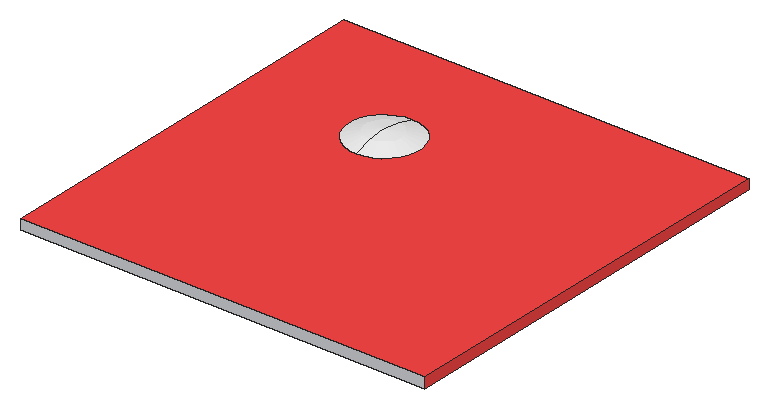
Revit family "PRESTO 55 PLANO (F)", category Aparatos sanitarios, Revit 2015
Parameters (values of type "55010")
  URL = "http://www.prestoiberica.com/ducha/temporizada-clasica/presto-55-plano?c=es"
  Teléfono = "(+34) 915 782 575"
  TIPO DE AGUA = "Fria"
  REFERENCIA = "55010"
  Presión Máxima = ""
  PESO BRUTO = "0.620 Kg"
  Keynote = ""
  Modelo = "PRESTO 55 PLANO"
  Material = Presto Ibérica: LATON CROMADO
  Imagen de tipo = <Ninguno>
  Fabricante = "PRESTO IBÉRICA"
  Default Elevation = 1219.2 mm
  ENTRADA = ""
  Descripción = "Grifo temporizado de un agua para instalación encastrada con cuerpo de latón y embellecedor cromado."
  Código de montaje = "C1030220"
  Contacto = "info@prestoiberica.com"
  Conexión AF = yes
  Conexión AC = yes
  Comentarios de tipo = "Cabeza intercambiable que comprende todo el mecanismo. Cuerpo, embellecedor y pulsador de latón cromado , piezas interioes en materiales resistentes a la corrosión y a las incrustaciones calcáreas."
  CIERRE = "Automático en 30 seg."
  CAUDAL = "15 L/Min"
  Accionamiento = "Por pulsador"
Reference planes
  plane 1 "Centro (Frontal/Posterior)": y = 0
  plane 2: z = 0
  plane 3 "Centro (Izquierda/Derecha)": x = 0
Forms (mm)
  Extrusion 1, solid
    sketch origin (0, 0, 0) x (1, 0, 0) y (0, 1, 0)
      loop
        line (-100, 100) -> (-100, -100) -> (100, -100) -> (100, 100) -> (-100, 100)
    from 0 to -5
  Revolve 2, solid, material "Presto Ibérica: LATON CROMADO"
    sketch origin (0, 0, 0) x (0, 1, 0) y (0, 0, 1)
      loop
        line (0, 30.994) -> (0, 27.53) -> (17.238, 27.53)
        arc (17.238, 27.53) -> (8.757, 29.949) -> (0, 30.994) r 55.515
      axis (0, 30.994) -> (0, 27.53)
    angle from 0 to 360
Dimensions and locks
  Extrusion 1 sketch curve to plane 1 "Centro (Frontal/Posterior)" = 100 mm
  aligned and locked: plane 2 to Extrusion 1
  aligned and locked: level to Extrusion 1
Connectors
  piping at (-0.188, -37, -26.781), diameter 12.7
    settings: on import instance, index 1, connector inside diameter 609.6 mm, connector length 0 mm, flow factor 0, pipe flow 0.0 L/s, pressure drop 0.0 Pa, fitting loss kfactor 0, connector angle 0.00°, fixture units 0, engagement length 0 mm, angle of deflection 0.00°, flow configuration 0, flow direction 1, fitting loss method 0, system type 19, joint type 0, gender type 0, connector reference index -1, connector utility 0, adjustable connector no, is connector primary yes, connector description ""
